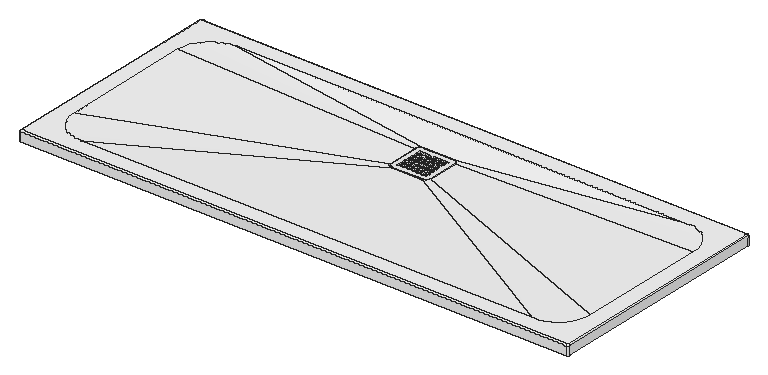
Revit family "IS_UltraFlatS_K8281_BIM_DE", category Plumbing Fixtures, host Face, Revit 2016
Family settings
  Host = Face
  Part Type = Normal
  Round Connector Dimension = Use Diameter
  OmniClass Number = 23.45.05.14.21.11
  OmniClass Title = Bath/Shower Units
  Cut with Voids When Loaded = No
  Shared = No
  Room Calculation Point = No
Parameters (values of type "K8281FR - ULTRAFLAT S PD 170X70 BIANCO")
  WarrantyStartDate = "n/a"
  WarrantyGuarantorParts = "n/a"
  WarrantyGuarantorLabor = "n/a"
  WarrantyDurationUnit = "n/a"
  WarrantyDurationParts = "n/a"
  WarrantyDurationLabor = "n/a"
  WarrantyDescription = "n/a"
  WFU = 0
  VolumeUnits = "Litres"
  Version = "1"
  Uniclass2015Version = "Products v1.1"
  Uniclass2015Title = "Shower trays"
  Uniclass2015Code = "Pr_40_20_06_84"
  URL = "www.idealstandard.de"
  Type Comments = "n/a"
  TagNumber = "n/a"
  SustainabilityPerformance = "n/a"
  Space = "Internal"
  Size = "1700 x 700 x 30 mm"
  Shape = "Rectangular"
  SerialNumber = "n/a"
  ReplacementCost = "n/a"
  ProductInformation = "www.idealstandard.de"
  PredefinedType = "n/a"
  Phone = "+49228 5210"
  NominalWidth = 1700 mm
  NominalLength = 700 mm
  NominalHeight = 30 mm
  NominalDepth = 0 mm
  Name = "ISI_IdealStandard_Showers_Ultra Flat S_K8281FR"
  ModelReference = "IS Rechteck-BRW ULTRA FLAT S,Abl.mittig, 1700x700x30mm, Carraraweiß"
  ModelNumber = "K8281FR"
  Model = "K8281FR"
  Material = "Sanitary Brass"
  ManufacturerURL = "www.idealstandard.de"
  Manufacturer = "idealstandard.de@idealstandard.com"
  MainMaterial = IS_RenderMaterial_White
  LinearUnits = "millimeters"
  Keynote = ""
  InstallationInstructions = "www.idealstandard.de\\produkte"
  InstallationDate = "1900-12-31T23:59:59"
  Help = "idealstandard.de@idealstandard.com"
  HWFU = 0
  GrossWeight = "0"
  Grade = "n/a"
  Finish = "Pure White"
  Features = "ULTRA FLAT S rectangular shower tray 1700x700mm"
  ExpectedLife = "25"
  DurationUnit = "year"
  DistributedBy = "n/a"
  Description = "Ultraflat S Pd 170 x 70 Bianco"
  Default Elevation = 0 mm
  CurrencyUnit = "€"
  CreatedOn = "42774"
  Cost = 0
  Constituents = "n/a"
  ConnectionType = "Plumbing"
  Color = "Pure White"
  CodePerformance = "0"
  CWFU = 0
  Brand = "Ideal Standard"
  BarCode = "0"
  BIMObjectName = "ISI_IdealStandard_Showers_Ultra Flat S_K8281FR"
  Author = "Ideal Standard"
  AssetType = "Fixed"
  AssetIdentifier = "n/a"
  Assembly Code = "C1030200"
  AreaUnits = "millimeters"
  AreaMeasurement = "n/a"
  Accessories = "www.idealstandard.de\\ersatzteile"
  AccessibilityPerformance = "n/a"
Types (5, lengths in mm): name | Name | ModelReference | ModelNumber | Model | MainMaterial | Finish | Description | Color | BIMObjectName
  K8281FR - ULTRAFLAT S PD 170X70 BIANCO | "ISI_IdealStandard_Showers_Ultra Flat S_K8281FR" | "IS Rechteck-BRW ULTRA FLAT S,Abl.mittig, 1700x700x30mm, Carraraweiß" | "K8281FR" | "K8281FR" | IS_RenderMaterial_White | "Pure White" | "Ultraflat S Pd 170 x 70 Bianco" | "Pure White" | "ISI_IdealStandard_Showers_Ultra Flat S_K8281FR"
  K8281FS - ULTRAFLAT S PD 170X70 GRIGIO CEMENTO | "ISI_IdealStandard_Showers_Ultra Flat S_K8281FS" | "IS Rechteck-BRW ULTRA FLAT S,Abl.mittig, 1700x700x30mm, Quarzgrau" | "K8281FS" | "K8281FS" | IS_RenderMaterial_Grey | "Concrete Grey" | "Ultraflat S Pd 170 x 70 Grigio Cemento" | "Concrete Grey" | "ISI_IdealStandard_Showers_Ultra Flat S_K8281FS"
  K8281FT - ULTRAFLAT S PD 170X70 SABBIA | "ISI_IdealStandard_Showers_Ultra Flat S_K8281FT" | "IS Rechteck-BRW ULTRA FLAT S,Abl.mittig, 1700x700x30mm, Sandstein" | "K8281FT" | "K8281FT" | IS_RenderMaterial_Sand | "Beach Sand" | "Ultraflat S Pd 170 x 70 Sabbia" | "Beach Sand" | "ISI_IdealStandard_Showers_Ultra Flat S_K8281FT"
  K8281FV - ULTRAFLAT S PD 170X70 NERO | "ISI_IdealStandard_Showers_Ultra Flat S_K8281FV" | "IS Rechteck-BRW ULTRA FLAT S,Abl.mittig, 1700x700x30mm, Schiefer" | "K8281FV" | "K8281FV" | IS_RenderMaterial_Black | "Jet Black" | "Ultraflat S Pd 170 x 70 Nero" | "Jet Black" | "ISI_IdealStandard_Showers_Ultra Flat S_K8281FV"
  K8281FU - ULTRAFLAT S PD 170X70 MOKA | "ISI_IdealStandard_Showers_Ultra Flat S_K8281FU" | "IS Rechteck-BRW ULTRA FLAT S,Abl.mittig, 1700x700x30mm, Lavabraun" | "K8281FU" | "K8281FU" | IS_RenderMaterial_Moka | "Deep Moka" | "Ultraflat S Pd 170 x 70 Moka" | "Deep Moka" | "ISI_IdealStandard_Showers_Ultra Flat S_K8281FU"
Reference planes
  plane 1 "Center (Front/Back)": y = 0
  plane 2: z = 0
  plane 3 "Center (Left/Right)": x = 0
  plane 4: y = -700
  plane 5: x = -850
  plane 6: x = -800
  plane 7: y = -650
  plane 8: x = 850
  plane 9: x = 800
Forms (mm)
  Extrusion 1, solid, material "IS_RenderMaterial_White" <- "MainMaterial"
    sketch origin (0, 0, 0) x (1, 0, 0) y (0, 1, 0)
      loop
        arc (-845, 0) -> (-848.536, -1.464) -> (-850, -5) r 5
        line (-850, -5) -> (-850, -695)
        arc (-850, -695) -> (-848.536, -698.536) -> (-845, -700) r 5
        line (-845, -700) -> (845, -700)
        arc (845, -700) -> (848.536, -698.536) -> (850, -695) r 5
        line (850, -695) -> (850, -5)
        arc (850, -5) -> (848.536, -1.464) -> (845, 0) r 5
        line (845, 0) -> (-845, 0)
    from 0 to 30
  Blend 2, void
    base sketch origin (0, 39.744, 30) x (-1, 0, 0) y (0, -1, 0)
      loop
        arc (700, 89.744) -> (770.711, 119.033) -> (800, 189.744) r 100
        line (800, 189.744) -> (800, 589.744)
        arc (800, 589.744) -> (770.711, 660.454) -> (700, 689.744) r 100
        line (700, 689.744) -> (-700, 689.744)
        arc (-700, 689.744) -> (-770.711, 660.454) -> (-800, 589.744) r 100
        line (-800, 589.744) -> (-800, 189.744)
        arc (-800, 189.744) -> (-770.711, 119.033) -> (-700, 89.744) r 100
        line (-700, 89.744) -> (700, 89.744)
    top sketch origin (0, 39.744, 30) x (-1, 0, 0) y (0, -1, 0)
      loop
        arc (47.5, 177.244) -> (58.107, 181.637) -> (62.5, 192.244) r 15
        line (62.5, 192.244) -> (62.5, 287.244)
        arc (62.5, 287.244) -> (58.107, 297.85) -> (47.5, 302.244) r 15
        line (47.5, 302.244) -> (-47.5, 302.244)
        arc (-47.5, 302.244) -> (-58.107, 297.85) -> (-62.5, 287.244) r 15
        line (-62.5, 287.244) -> (-62.5, 192.244)
        arc (-62.5, 192.244) -> (-58.107, 181.637) -> (-47.5, 177.244) r 15
        line (-47.5, 177.244) -> (47.5, 177.244)
    from 0 to -15
  Revolve 3, void
    sketch origin (-65.411, -200, 1219.2) x (-1, 0, 0) y (0, 0, 1)
      loop
        line (-65.411, -1219.2) -> (-20.411, -1219.2) -> (-20.411, -1214.2) -> (-13.411, -1207.2) -> (-65.411, -1207.2) -> (-65.411, -1219.2)
      axis (-65.411, -1219.2) -> (-65.411, -1207.2)
    angle from 0 to 360
  Extrusion 4, void
    sketch origin (0, -134.515, 12) x (-1, 0, 0) y (0, 1, 0)
      loop
        arc (-47.5, -2.985) -> (-58.107, -7.379) -> (-62.5, -17.985) r 15
        line (-62.5, -17.985) -> (-62.5, -112.985)
        arc (-62.5, -112.985) -> (-58.107, -123.592) -> (-47.5, -127.985) r 15
        line (-47.5, -127.985) -> (47.5, -127.985)
        arc (47.5, -127.985) -> (58.107, -123.592) -> (62.5, -112.985) r 15
        line (62.5, -112.985) -> (62.5, -17.985)
        arc (62.5, -17.985) -> (58.107, -7.379) -> (47.5, -2.985) r 15
        line (47.5, -2.985) -> (-47.5, -2.985)
    from 0 to -3
  Extrusion 5, solid, material "Chrome - Polished"
    sketch origin (0, -134.515, 12) x (0, 1, 0) y (-1, 0, 0)
      loop
        arc (-4.985, 46.539) -> (-9.074, 56.411) -> (-18.946, 60.5) r 13.961
        line (-18.946, 60.5) -> (-111.985, 60.5)
        arc (-111.985, 60.5) -> (-121.885, 56.399) -> (-125.985, 46.5) r 14
        line (-125.985, 46.5) -> (-125.985, -46.5)
        arc (-125.985, -46.5) -> (-121.885, -56.399) -> (-111.985, -60.5) r 14
        line (-111.985, -60.5) -> (-18.985, -60.5)
        arc (-18.985, -60.5) -> (-9.086, -56.399) -> (-4.985, -46.5) r 14
        line (-4.985, -46.5) -> (-4.985, 46.539)
      loop
        line (-64.007, 45) -> (-64.007, 32) -> (-52.007, 32) -> (-52.007, 45) -> (-64.007, 45)
      loop
        line (-49.007, 45) -> (-49.007, 32) -> (-37.007, 32) -> (-37.007, 45) -> (-49.007, 45)
      loop
        line (-34.007, 45) -> (-34.007, 32) -> (-22.007, 32) -> (-22.007, 45) -> (-34.007, 45)
      loop
        line (-34.007, 29) -> (-34.007, 16) -> (-22.007, 16) -> (-22.007, 29) -> (-34.007, 29)
      loop
        line (-34.007, 13) -> (-34.007, 1.526) -> (-22.007, 1.526) -> (-22.007, 13) -> (-34.007, 13)
      loop
        line (-37.007, 29) -> (-49.007, 29) -> (-49.007, 16) -> (-37.007, 16) -> (-37.007, 29)
      loop
        line (-37.007, 13) -> (-49.007, 13) -> (-49.007, 1.526) -> (-37.007, 1.526) -> (-37.007, 13)
      loop
        line (-52.007, 29) -> (-64.007, 29) -> (-64.007, 16) -> (-52.007, 16) -> (-52.007, 29)
      loop
        line (-52.007, 13) -> (-64.007, 13) -> (-64.007, 1.526) -> (-52.007, 1.526) -> (-52.007, 13)
      loop
        line (-64.007, -45) -> (-52.007, -45) -> (-52.007, -32) -> (-64.007, -32) -> (-64.007, -45)
      loop
        line (-49.007, -45) -> (-37.007, -45) -> (-37.007, -32) -> (-49.007, -32) -> (-49.007, -45)
      loop
        line (-34.007, -45) -> (-22.007, -45) -> (-22.007, -32) -> (-34.007, -32) -> (-34.007, -45)
      loop
        line (-34.007, -29) -> (-22.007, -29) -> (-22.007, -16) -> (-34.007, -16) -> (-34.007, -29)
      loop
        line (-34.007, -13) -> (-22.007, -13) -> (-22.007, -1.526) -> (-34.007, -1.526) -> (-34.007, -13)
      loop
        line (-37.007, -29) -> (-37.007, -16) -> (-49.007, -16) -> (-49.007, -29) -> (-37.007, -29)
      loop
        line (-37.007, -13) -> (-37.007, -1.526) -> (-49.007, -1.526) -> (-49.007, -13) -> (-37.007, -13)
      loop
        line (-52.007, -29) -> (-52.007, -16) -> (-64.007, -16) -> (-64.007, -29) -> (-52.007, -29)
      loop
        line (-52.007, -13) -> (-52.007, -1.526) -> (-64.007, -1.526) -> (-64.007, -13) -> (-52.007, -13)
      loop
        line (-66.963, 45) -> (-78.963, 45) -> (-78.963, 32) -> (-66.963, 32) -> (-66.963, 45)
      loop
        line (-81.963, 45) -> (-93.963, 45) -> (-93.963, 32) -> (-81.963, 32) -> (-81.963, 45)
      loop
        line (-96.963, 45) -> (-108.963, 45) -> (-108.963, 32) -> (-96.963, 32) -> (-96.963, 45)
      loop
        line (-96.963, 29) -> (-108.963, 29) -> (-108.963, 16) -> (-96.963, 16) -> (-96.963, 29)
      loop
        line (-96.963, 13) -> (-108.963, 13) -> (-108.963, 1.526) -> (-96.963, 1.526) -> (-96.963, 13)
      loop
        line (-93.963, 29) -> (-93.963, 16) -> (-81.963, 16) -> (-81.963, 29) -> (-93.963, 29)
      loop
        line (-93.963, 13) -> (-93.963, 1.526) -> (-81.963, 1.526) -> (-81.963, 13) -> (-93.963, 13)
      loop
        line (-78.963, 29) -> (-78.963, 16) -> (-66.963, 16) -> (-66.963, 29) -> (-78.963, 29)
      loop
        line (-78.963, 13) -> (-78.963, 1.526) -> (-66.963, 1.526) -> (-66.963, 13) -> (-78.963, 13)
      loop
        line (-66.963, -45) -> (-66.963, -32) -> (-78.963, -32) -> (-78.963, -45) -> (-66.963, -45)
      loop
        line (-81.963, -45) -> (-81.963, -32) -> (-93.963, -32) -> (-93.963, -45) -> (-81.963, -45)
      loop
        line (-96.963, -45) -> (-96.963, -32) -> (-108.963, -32) -> (-108.963, -45) -> (-96.963, -45)
      loop
        line (-96.963, -29) -> (-96.963, -16) -> (-108.963, -16) -> (-108.963, -29) -> (-96.963, -29)
      loop
        line (-96.963, -13) -> (-96.963, -1.526) -> (-108.963, -1.526) -> (-108.963, -13) -> (-96.963, -13)
      loop
        line (-93.963, -29) -> (-81.963, -29) -> (-81.963, -16) -> (-93.963, -16) -> (-93.963, -29)
      loop
        line (-93.963, -13) -> (-81.963, -13) -> (-81.963, -1.526) -> (-93.963, -1.526) -> (-93.963, -13)
      loop
        line (-78.963, -29) -> (-66.963, -29) -> (-66.963, -16) -> (-78.963, -16) -> (-78.963, -29)
      loop
        line (-78.963, -13) -> (-66.963, -13) -> (-66.963, -1.526) -> (-78.963, -1.526) -> (-78.963, -13)
    from 0 to 3
  Sweep 6, void
    path in 3D
      loop
        arc (845, -700, 30) -> (848.536, -698.536, 30) -> (850, -695, 30) r 5
        line (850, -695, 30) -> (850, -5, 30)
        arc (850, -5, 30) -> (848.536, -1.464, 30) -> (845, 0, 30) r 5
        line (845, 0, 30) -> (-845, 0, 30)
        arc (-845, 0, 30) -> (-848.536, -1.464, 30) -> (-850, -5, 30) r 5
        line (-850, -5, 30) -> (-850, -695, 30)
        arc (-850, -695, 30) -> (-848.536, -698.536, 30) -> (-845, -700, 30) r 5
        line (-845, -700, 30) -> (845, -700, 30)
    profile origin (0, -700, 30) x (0, 1, 0) y (0, 0, 1)
      loop
        line (0, 0) -> (0, -3)
        arc (0, -3) -> (0.879, -0.879) -> (3, 0) r 3
        line (3, 0) -> (0, 0)
Cuts and joins
  Blend 2, Revolve 3, Extrusion 4, Sweep 6 cuts Extrusion 1
  Blend 2 cuts Extrusion 5
Lines and regions (mm)
  sketch lines
    curve 1: line (-845, -700, 30) -> (845, -700, 30)
    curve 2: arc (850, -695, 30) -> (848.536, -698.536, 30) -> (845, -700, 30) r 5
    curve 3: line (850, -695, 30) -> (850, -5, 30)
    curve 4: arc (845, 0, 30) -> (848.536, -1.464, 30) -> (850, -5, 30) r 5
    curve 5: line (845, 0, 30) -> (-845, 0, 30)
    curve 6: arc (-850, -5, 30) -> (-848.536, -1.464, 30) -> (-845, 0, 30) r 5
    curve 7: line (-850, -5, 30) -> (-850, -695, 30)
    curve 8: arc (-845, -700, 30) -> (-848.536, -698.536, 30) -> (-850, -695, 30) r 5
Dimensions and locks
  "NominalWidth": plane 5 to plane 8
  "NominalLength": plane 4 to plane 1 "Center (Front/Back)"
  "NominalHeight": cut or joined group of Extrusion 1, Blend 2, Revolve 3, Extrusion 4, Sweep 6 to plane 2
  aligned and locked: plane 2 to host face
  aligned and locked: level to host face
Automatic sketch dimensions
  host sketch curve to host sketch curve = 2438.4 mm
  host sketch curve to host sketch curve = 1918.7 mm
  Extrusion 1 sketch curve to plane 5 = 0 mm
  plane 4 to Extrusion 1 sketch curve = 0 mm
  plane 1 "Center (Front/Back)" to Extrusion 1 sketch curve = 0 mm
  Extrusion 1 sketch curve to plane 8 = 0 mm
  plane 5 to Extrusion 1 sketch curve = 5 mm
  plane 1 "Center (Front/Back)" to Extrusion 1 sketch curve = 5 mm
  plane 8 to Extrusion 1 sketch curve = 5 mm  (x2)
  Blend 2 sketch curve to plane 9 = 0 mm
  plane 7 to Blend 2 sketch curve = 0 mm
  Blend 2 sketch curve to plane 6 = 0 mm
  plane 9 to Blend 2 sketch curve = 100 mm  (x2)
  plane 1 "Center (Front/Back)" to Blend 2 sketch curve = 50 mm
  plane 6 to Blend 2 sketch curve = 100 mm  (x2)
  plane 3 "Center (Left/Right)" to Blend 2 sketch curve = 62.5 mm
  Blend 2 sketch curve to Blend 2 sketch curve = 15 mm  (x3)
  Blend 2 sketch curve to plane 3 "Center (Left/Right)" = 47.5 mm  (x2)
  plane 1 "Center (Front/Back)" to Blend 2 sketch curve = 137.5 mm
  Blend 2 sketch curve to Blend 2 sketch curve = 95 mm
  Revolve 3 sketch curve to level = 0 mm
  Revolve 3 sketch curve to plane 3 "Center (Left/Right)" = 0 mm  (x2)
  level to Revolve 3 sketch curve = 5 mm
  Revolve 3 sketch curve to plane 3 "Center (Left/Right)" = 45 mm
  Revolve 3 sketch curve to Revolve 3 sketch curve = 7 mm
  Revolve 3 sketch curve to Revolve 3 sketch curve = 12 mm
  Revolve 3 sketch curve to level = 10 mm
  Revolve 3 sketch curve to Revolve 3 sketch curve = 10.187 mm
  plane 3 "Center (Left/Right)" to Extrusion 4 sketch curve = 62.5 mm
  Extrusion 4 sketch curve to Extrusion 4 sketch curve = 15 mm  (x3)
  Extrusion 4 sketch curve to plane 3 "Center (Left/Right)" = 47.5 mm  (x2)
  plane 1 "Center (Front/Back)" to Extrusion 4 sketch curve = 137.5 mm
  Extrusion 4 sketch curve to Extrusion 4 sketch curve = 95 mm
  plane 3 "Center (Left/Right)" to Extrusion 5 sketch curve = 46.5 mm
  plane 1 "Center (Front/Back)" to Extrusion 5 sketch curve = 260.5 mm
  Extrusion 5 sketch curve to Extrusion 5 sketch curve = 14 mm  (x3)
  Extrusion 5 sketch curve to Extrusion 5 sketch curve = 3.022 mm  (x3)
  Extrusion 5 sketch curve to Extrusion 5 sketch curve = 0 mm  (x55)
  plane 3 "Center (Left/Right)" to Extrusion 5 sketch curve = 1.526 mm  (x6)
  Extrusion 5 sketch curve to Extrusion 5 sketch curve = 12 mm  (x18)
  Extrusion 5 sketch curve to Extrusion 5 sketch curve = 3 mm  (x38)
  Extrusion 5 sketch curve to Extrusion 5 sketch curve = 2.956 mm  (x6)
  Extrusion 5 sketch curve to Extrusion 5 sketch curve = 3.061 mm
  Extrusion 5 sketch curve to Extrusion 5 sketch curve = 1.5 mm  (x3)
  Extrusion 5 sketch curve to Extrusion 5 sketch curve = 13 mm  (x9)
  Extrusion 5 sketch curve to plane 3 "Center (Left/Right)" = 1.526 mm  (x6)
  Extrusion 5 sketch curve to Extrusion 5 sketch curve = 11.474 mm  (x2)
  Sweep 6 sketch curve to profile plane = 0 mm  (x2)
  Sweep 6 sketch curve to profile plane = 3 mm
Connectors
  piping at (0, -200, 0), diameter 90
    settings: on cut or joined group of Extrusion 1, Blend 2, Revolve 3, Extrusion 4, Sweep 6, index 1, connector inside diameter 609.6 mm, connector length 0 mm, flow factor 0, pipe flow 0.0 L/s, pressure drop 0.0 Pa, fitting loss kfactor 0, connector angle 0.00°, fixture units 0, engagement length 0 mm, angle of deflection 0.00°, flow configuration 2, flow direction 2, fitting loss method 0, system type 16, joint type 0, gender type 0, connector reference index -1, connector utility 0, adjustable connector no, is connector primary yes, connector description ""
